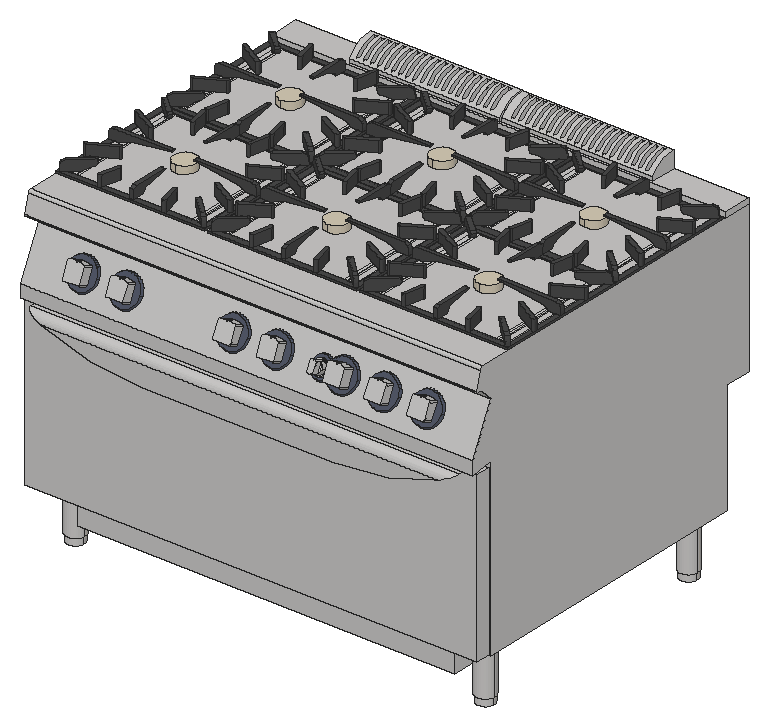
Revit family "QF_ZANUSSI_392015_Z9GCGL6SL0", category Specialty Equipment, Revit 2018 (continued)
Definition of nested family "QF_392015_BURNER"
  Forms (mm)
    Extrusion 7, solid
      sketch origin (310.416, -458.334, 5) x (-0.742103, 0.670286, 0) y (0, 0, 1)
        loop
          arc (88.629, 864.012) -> (92.562, 869.25) -> (93.654, 875.709) r 13.87
          arc (93.654, 875.709) -> (92.39, 878.352) -> (89.664, 879.425) r 4
          line (89.664, 879.425) -> (27.899, 879.425) -> (17.686, 874.663)
          arc (17.686, 874.663) -> (14.642, 862.948) -> (14.993, 850.85) r 42.876
          line (14.993, 850.85) -> (60.402, 850.85)
          arc (60.402, 850.85) -> (73.909, 858.731) -> (88.629, 864.012) r 85.245
        loop
          arc (457.638, 864.012) -> (472.357, 858.731) -> (485.865, 850.85) r 85.245
          line (485.865, 850.85) -> (531.273, 850.85)
          arc (531.273, 850.85) -> (531.624, 862.948) -> (528.581, 874.663) r 42.876
          line (528.581, 874.663) -> (518.367, 879.425) -> (456.603, 879.425)
          arc (456.603, 879.425) -> (453.876, 878.352) -> (452.613, 875.709) r 4
          arc (452.613, 875.709) -> (453.704, 869.25) -> (457.638, 864.012) r 13.87
      from 127.064 to 137.064
    Extrusion 8, solid
      sketch origin (-6.433, 367.064, 855.85) x (0, -1, 0) y (1, 0, 0)
        loop
          arc (626.166, 9.428) -> (632.956, 7.454) -> (634.93, 14.244) r 5
          line (634.93, 14.244) -> (600.514, 76.878)
          arc (600.514, 76.878) -> (593.724, 78.852) -> (591.75, 72.062) r 5
          line (591.75, 72.062) -> (626.166, 9.428)
        loop
          line (463.562, 9.428) -> (497.977, 72.062)
          arc (497.977, 72.062) -> (496.003, 78.852) -> (489.213, 76.878) r 5
          line (489.213, 76.878) -> (454.798, 14.244)
          arc (454.798, 14.244) -> (456.772, 7.454) -> (463.562, 9.428) r 5
        loop
          line (626.166, 397.138) -> (591.75, 334.504)
          arc (591.75, 334.504) -> (593.724, 327.714) -> (600.514, 329.689) r 5
          line (600.514, 329.689) -> (634.93, 392.323)
          arc (634.93, 392.323) -> (632.956, 399.113) -> (626.166, 397.138) r 5
        loop
          arc (463.562, 397.138) -> (456.772, 399.113) -> (454.798, 392.323) r 5
          line (454.798, 392.323) -> (489.213, 329.689)
          arc (489.213, 329.689) -> (496.003, 327.714) -> (497.977, 334.504) r 5
          line (497.977, 334.504) -> (463.562, 397.138)
        loop
          line (715.14, 293.499) -> (666.703, 282.317)
          arc (666.703, 282.317) -> (662.956, 276.32) -> (668.953, 272.573) r 5
          line (668.953, 272.573) -> (717.389, 283.756)
          arc (717.389, 283.756) -> (721.136, 289.752) -> (715.14, 293.499) r 5
        loop
          arc (715.14, 113.067) -> (721.136, 116.814) -> (717.389, 122.811) r 5
          line (717.389, 122.811) -> (668.953, 133.993)
          arc (668.953, 133.993) -> (662.956, 130.246) -> (666.703, 124.249) r 5
          line (666.703, 124.249) -> (715.14, 113.067)
        loop
          arc (374.588, 293.499) -> (368.591, 289.752) -> (372.338, 283.756) r 5
          line (372.338, 283.756) -> (420.775, 272.573)
          arc (420.775, 272.573) -> (426.771, 276.32) -> (423.024, 282.317) r 5
          line (423.024, 282.317) -> (374.588, 293.499)
        loop
          line (374.588, 113.067) -> (423.024, 124.249)
          arc (423.024, 124.249) -> (426.771, 130.246) -> (420.775, 133.993) r 5
          line (420.775, 133.993) -> (372.338, 122.811)
          arc (372.338, 122.811) -> (368.591, 116.814) -> (374.588, 113.067) r 5
      from 0 to 28.575
  Lines and regions (mm)
    symbolic lines
      curve 1: line (0, -355.6, 150) -> (393.7, -355.6, 150)
      curve 2: line (0, 0, 150) -> (0, -355.6, 150)
      curve 3: line (393.7, -355.6, 150) -> (393.7, 0, 150)
      curve 4: line (369.633, -15, 150) -> (285.34, -15, 150)
      curve 5: line (24.067, -340.6, 150) -> (108.36, -340.6, 150)
      curve 6: line (157.475, -170.397, 150) -> (157.475, -15, 150)
      curve 7: line (236.225, -170.397, 150) -> (236.225, -15, 150)
      curve 8: line (201.85, -350, 150) -> (201.85, -176.674, 150)
      curve 9: line (0, -180.397, 150) -> (167.224, -180.397, 150)
      curve 10: line (393.7, -170.397, 150) -> (228.275, -170.397, 150)
      curve 11: line (15, -180.397, 150) -> (15, -252.506, 150)
      curve 12: line (45.799, -340.6, 150) -> (45.799, -320.971, 150)
      curve 13: line (167.224, -170.397, 150) -> (0, -170.397, 150)
      curve 14: line (228.275, -180.504, 150) -> (393.7, -180.504, 150)
      curve 15: arc (228.275, -170.397, 150) -> (223.221, -175.45, 150) -> (228.275, -180.504, 150) r 5.054
      curve 16: arc (167.224, -170.397, 150) -> (172.224, -175.397, 150) -> (167.224, -180.397, 150) r 5
      curve 17: line (191.85, -176.674, 150) -> (191.85, -350, 150)
      curve 18: line (201.85, -134.556, 150) -> (201.85, -0.794, 150)
      curve 19: arc (201.85, -176.674, 150) -> (196.85, -171.674, 150) -> (191.85, -176.674, 150) r 5
      curve 20: arc (201.85, -134.556, 150) -> (196.85, -139.556, 150) -> (191.85, -134.556, 150) r 5
      curve 21: line (191.85, -15, 150) -> (118.623, -15, 150)
      curve 22: arc (201.85, -29.042, 150) -> (213.272, -50.008, 150) -> (201.85, -70.973, 150) r 24.953
      curve 23: arc (213.086, -53.048, 150) -> (214.5, -50.008, 150) -> (213.086, -46.967, 150) r 3.975
      curve 24: arc (191.85, -29.852, 150) -> (181.339, -50.008, 150) -> (191.85, -70.163, 150) r 24.58
      curve 25: arc (181.527, -53.042, 150) -> (179.976, -50.008, 150) -> (181.527, -46.973, 150) r 3.745
      curve 26: line (191.85, -0.794, 150) -> (191.85, -134.556, 150)
      curve 27: line (191.85, -350, 150) -> (201.85, -350, 150)
      curve 28: line (191.85, -11.007, 150) -> (201.85, -11.007, 150)
      curve 29: line (191.85, -0.794, 150) -> (201.85, -0.794, 150)
      curve 30: line (201.85, -340.6, 150) -> (275.077, -340.6, 150)
      curve 31: arc (196.85, -145.397, 0) -> (166.955, -172.888, 0) -> (191.85, -204.977, 0) r 30
      curve 32: arc (201.85, -204.977, 0) -> (226.745, -172.888, 0) -> (196.85, -145.397, 0) r 30
      curve 33: arc (158.678, -180.397, 0) -> (170.734, -200.207, 0) -> (191.85, -209.795, 0) r 39.375
      curve 34: line (163.825, -170.397, 150) -> (163.825, -15, 150)
      curve 35: line (229.875, -170.397, 150) -> (229.875, -15, 150)
      curve 36: line (144.775, -170.397, 150) -> (144.775, -15, 150)
      curve 37: line (248.925, -170.397, 150) -> (248.925, -15, 150)
      curve 38: arc (145.678, -180.397, 0) -> (161.728, -209.187, 0) -> (191.85, -222.573, 0) r 52.075
      curve 39: arc (201.85, -209.795, 0) -> (222.966, -200.207, 0) -> (235.022, -180.397, 0) r 39.375
      curve 40: arc (201.85, -222.573, 0) -> (231.931, -209.224, 0) -> (248.001, -180.504, 0) r 52.075
      curve 41: line (393.7, 0, 0) -> (0, 0, 0)
      curve 42: line (70.445, -122.149, 0) -> (7.81, -87.734, 0)
      curve 43: arc (7.81, -87.734, 0) -> (1.021, -89.708, 0) -> (2.995, -96.498, 0) r 5
      curve 44: line (2.995, -96.498, 0) -> (65.629, -130.914, 0)
      curve 45: arc (65.629, -130.914, 0) -> (72.419, -128.939, 0) -> (70.445, -122.149, 0) r 5
      curve 46: line (65.629, -224.686, 0) -> (2.995, -259.102, 0)
      curve 47: arc (2.995, -259.102, 0) -> (1.021, -265.892, 0) -> (7.81, -267.866, 0) r 5
      curve 48: line (7.81, -267.866, 0) -> (70.445, -233.451, 0)
      curve 49: arc (70.445, -233.451, 0) -> (72.419, -226.661, 0) -> (65.629, -224.686, 0) r 5
      curve 50: line (323.255, -122.149, 0) -> (385.89, -87.734, 0)
      curve 51: arc (385.89, -87.734, 0) -> (392.679, -89.708, 0) -> (390.705, -96.498, 0) r 5
      curve 52: line (390.705, -96.498, 0) -> (328.071, -130.914, 0)
      curve 53: arc (328.071, -130.914, 0) -> (321.281, -128.939, 0) -> (323.255, -122.149, 0) r 5
      curve 54: line (328.071, -224.686, 0) -> (390.705, -259.102, 0)
      curve 55: arc (390.705, -259.102, 0) -> (392.679, -265.892, 0) -> (385.89, -267.866, 0) r 5
      curve 56: line (385.89, -267.866, 0) -> (323.255, -233.451, 0)
      curve 57: arc (323.255, -233.451, 0) -> (321.281, -226.661, 0) -> (328.071, -224.686, 0) r 5
      curve 58: line (118.623, -340.6, 150) -> (191.85, -340.6, 150)
      curve 59: line (285.34, -340.6, 150) -> (369.633, -340.6, 150)
      curve 60: line (378.7, -335.314, 0) -> (378.7, -263.916, 0)
      curve 61: line (1.326, -7.935, 0) -> (58.752, -59.804, 0)
      curve 62: line (65.455, -52.383, 0) -> (8.029, -0.514, 0)
      curve 63: arc (58.752, -59.804, 0) -> (65.814, -59.445, 0) -> (65.455, -52.383, 0) r 5
      curve 64: line (1.326, -7.935, 0) -> (8.029, -0.514, 0)
      curve 65: line (392.374, -7.935, 0) -> (334.948, -59.804, 0)
      curve 66: line (328.245, -52.383, 0) -> (385.671, -0.514, 0)
      curve 67: arc (334.948, -59.804, 0) -> (327.886, -59.445, 0) -> (328.245, -52.383, 0) r 5
      curve 68: line (392.374, -7.935, 0) -> (385.671, -0.514, 0)
      curve 69: line (392.374, -347.665, 0) -> (334.948, -295.796, 0)
      curve 70: line (328.245, -303.217, 0) -> (385.671, -355.086, 0)
      curve 71: arc (334.948, -295.796, 0) -> (327.886, -296.155, 0) -> (328.245, -303.217, 0) r 5
      curve 72: line (392.374, -347.665, 0) -> (385.671, -355.086, 0)
      curve 73: line (1.326, -347.665, 0) -> (58.752, -295.796, 0)
      curve 74: line (65.455, -303.217, 0) -> (8.029, -355.086, 0)
      curve 75: arc (58.752, -295.796, 0) -> (65.814, -296.155, 0) -> (65.455, -303.217, 0) r 5
      curve 76: line (1.326, -347.665, 0) -> (8.029, -355.086, 0)
      curve 77: line (347.901, -15, 0) -> (347.901, -34.629, 0)
      curve 78: line (347.901, -320.971, 0) -> (347.901, -340.6, 0)
      curve 79: line (378.7, -252.506, 0) -> (378.7, -180.397, 0)
      curve 80: line (347.901, -246.993, 0) -> (347.901, -307.496, 0)
      curve 81: line (378.7, -170.397, 0) -> (378.7, -103.094, 0)
      curve 82: line (347.901, -180.397, 0) -> (347.901, -235.582, 0)
      curve 83: line (378.7, -91.684, 0) -> (378.7, -20.286, 0)
      curve 84: line (347.901, -120.018, 0) -> (347.901, -170.397, 0)
      curve 85: line (347.901, -48.104, 0) -> (347.901, -108.607, 0)
      curve 86: line (275.077, -15, 150) -> (201.85, -15, 150)
      curve 87: line (108.36, -15, 150) -> (24.067, -15, 150)
      curve 88: line (45.799, -40, 150) -> (45.799, -15, 150)
      curve 89: line (45.799, -108.607, 150) -> (45.799, -40, 150)
      curve 90: line (15, -20.286, 0) -> (15, -91.684, 0)
      curve 91: line (15, -103.094, 0) -> (15, -170.397, 0)
      curve 92: line (45.799, -170.397, 150) -> (45.799, -120.018, 150)
      curve 93: line (45.799, -235.582, 150) -> (45.799, -180.397, 150)
      curve 94: line (15, -263.916, 150) -> (15, -335.314, 150)
      curve 95: line (45.799, -307.496, 150) -> (45.799, -246.993, 150)
      curve 96: line (116.378, -350.325, 0) -> (127.56, -301.889, 0)
      curve 97: arc (127.56, -301.889, 0) -> (123.813, -295.892, 0) -> (117.816, -299.64, 0) r 5
      curve 98: line (117.816, -299.64, 0) -> (106.634, -348.076, 0)
      curve 99: arc (106.634, -348.076, 0) -> (110.381, -354.072, 0) -> (116.378, -350.325, 0) r 5
      curve 100: line (266.14, -301.889, 0) -> (277.322, -350.325, 0)
      curve 101: arc (277.322, -350.325, 0) -> (283.319, -354.072, 0) -> (287.066, -348.076, 0) r 5
      curve 102: line (287.066, -348.076, 0) -> (275.884, -299.64, 0)
      curve 103: arc (275.884, -299.64, 0) -> (269.887, -295.892, 0) -> (266.14, -301.889, 0) r 5
      curve 104: line (275.884, -55.96, 0) -> (287.066, -7.524, 0)
      curve 105: arc (287.066, -7.524, 0) -> (283.319, -1.528, 0) -> (277.322, -5.275, 0) r 5
      curve 106: line (277.322, -5.275, 0) -> (266.14, -53.711, 0)
      curve 107: arc (266.14, -53.711, 0) -> (269.887, -59.708, 0) -> (275.884, -55.96, 0) r 5
      curve 108: line (127.56, -53.711, 0) -> (116.378, -5.275, 0)
      curve 109: arc (116.378, -5.275, 0) -> (110.381, -1.528, 0) -> (106.634, -7.524, 0) r 5
      curve 110: line (106.634, -7.524, 0) -> (117.816, -55.96, 0)
      curve 111: arc (117.816, -55.96, 0) -> (123.813, -59.708, 0) -> (127.56, -53.711, 0) r 5
  Dimensions and locks
    equal spacing: plane 3 "LEFT", plane 7 "Center Y", plane 4 "RIGHT"
    plane 3 "LEFT" to plane 4 "RIGHT" = 393.7 mm
    equal spacing: plane 5 "FRONT", plane 8 "Center X", plane 1 "BACK"
    plane 5 "FRONT" to plane 1 "BACK" = 355.6 mm
    plane 6 "TOP" to level = 908.85 mm
    plane 9 "Base" to level = 150 mm
    plane 6 "TOP" to plane 10 = 58 mm  (x2)
    locked: Extrusion 4 sketch curve to plane 7 "Center Y" at 0
    aligned and locked: level to plane 2
  Automatic sketch dimensions
    curve 10 to plane 4 "RIGHT" = 0 mm
    curve 20 to plane 7 "Center Y" = 0 mm
    curve 19 to plane 7 "Center Y" = 0 mm
    curve 9 to plane 3 "LEFT" = 0 mm
    plane 1 "BACK" to curve 2 = 0 mm
    plane 1 "BACK" to curve 3 = 0 mm
    plane 5 "FRONT" to curve 2 = 0 mm
    curve 4 to plane 4 "RIGHT" = 24.067 mm
    curve 59 to plane 4 "RIGHT" = 24.067 mm
    plane 1 "BACK" to curve 37 = 15 mm
    plane 7 "Center Y" to curve 37 = 52.075 mm
    curve 37 to curve 7 = 12.7 mm
    curve 7 to curve 35 = 6.35 mm
    plane 8 "Center X" to curve 15 = 2.35 mm
    curve 35 to curve 15 = 1.6 mm
    plane 7 "Center Y" to curve 23 = 16.236 mm
    curve 23 to curve 23 = 0 mm
    curve 23 to curve 23 = 2.56 mm
    curve 23 to curve 24 = 4.607 mm
    plane 7 "Center Y" to curve 86 = 5 mm
    plane 7 "Center Y" to curve 27 = 5 mm
    curve 22 to plane 7 "Center Y" = 8.531 mm
    curve 22 to curve 25 = 4.597 mm
    curve 25 to curve 25 = 2.194 mm  (x2)
    curve 9 to plane 8 "Center X" = 2.597 mm
    curve 17 to curve 9 = 24.626 mm
    curve 21 to curve 34 = 28.025 mm
    curve 34 to curve 6 = 6.35 mm
    plane 8 "Center X" to curve 36 = 7.403 mm
    curve 6 to curve 36 = 12.7 mm
    plane 3 "LEFT" to curve 12 = 45.799 mm
    plane 3 "LEFT" to curve 87 = 24.067 mm
    plane 3 "LEFT" to curve 5 = 24.067 mm
    plane 1 "BACK" to curve 26 = 0.794 mm
    curve 28 to curve 86 = 3.993 mm
    curve 28 to curve 21 = 3.993 mm
    curve 86 to curve 22 = 14.042 mm
    curve 22 to curve 24 = 0.81 mm
    curve 22 to curve 23 = 17.925 mm
    curve 25 to curve 22 = 3.035 mm
    plane 8 "Center X" to curve 26 = 43.244 mm
    curve 15 to curve 15 = 5.054 mm
    plane 8 "Center X" to curve 17 = 1.126 mm
    curve 94 to curve 12 = 5.286 mm
    curve 58 to plane 5 "FRONT" = 15 mm
    curve 59 to plane 5 "FRONT" = 15 mm
    curve 8 to plane 5 "FRONT" = 5.6 mm
    plane 3 "LEFT" to Extrusion 1 sketch curve = 0.709 mm
    plane 3 "LEFT" to Extrusion 1 sketch curve = 3.327 mm
    Extrusion 1 sketch curve to Extrusion 1 sketch curve = 10.201 mm
    plane 10 to Extrusion 1 sketch curve = 5 mm  (x2)
    Extrusion 1 sketch curve to Extrusion 1 sketch curve = 29.447 mm
    Extrusion 1 sketch curve to Extrusion 1 sketch curve = 12.704 mm  (x2)
    Extrusion 1 sketch curve to Extrusion 1 sketch curve = 15.555 mm  (x2)
    plane 3 "LEFT" to Extrusion 1 sketch curve = 79.689 mm
    Extrusion 1 sketch curve to plane 7 "Center Y" = 30.161 mm
    Extrusion 1 sketch curve to Extrusion 1 sketch curve = 0.167 mm  (x2)
    plane 7 "Center Y" to Extrusion 1 sketch curve = 29.994 mm
    Extrusion 1 sketch curve to plane 4 "RIGHT" = 79.689 mm
    plane 10 to Extrusion 1 sketch curve = 18.171 mm
    Extrusion 1 sketch curve to plane 4 "RIGHT" = 58.415 mm
    Extrusion 1 sketch curve to plane 4 "RIGHT" = 13.528 mm
    Extrusion 1 sketch curve to plane 4 "RIGHT" = 3.327 mm
    Extrusion 1 sketch curve to plane 4 "RIGHT" = 0.709 mm
    Extrusion 1 sketch curve to Extrusion 1 sketch curve = 23.902 mm  (x2)
    Extrusion 1 sketch curve to plane 6 "TOP" = 26.807 mm  (x2)
    Extrusion 1 sketch curve to Extrusion 1 sketch curve = 1.185 mm  (x2)
    Extrusion 1 sketch curve to Extrusion 1 sketch curve = 5.694 mm
    Extrusion 2 sketch curve to plane 1 "BACK" = 0 mm
    plane 1 "BACK" to Extrusion 2 sketch curve = 10.213 mm
    plane 10 to Extrusion 2 sketch curve = 5 mm  (x2)
    plane 1 "BACK" to Extrusion 2 sketch curve = 29.066 mm
    plane 10 to Extrusion 2 sketch curve = 20.886 mm
    Extrusion 2 sketch curve to Extrusion 2 sketch curve = 22.688 mm  (x2)
    Extrusion 2 sketch curve to plane 10 = 7.392 mm  (x2)
    Extrusion 2 sketch curve to plane 6 "TOP" = 24.425 mm
    Extrusion 2 sketch curve to Extrusion 2 sketch curve = 51.752 mm
    Extrusion 2 sketch curve to plane 6 "TOP" = 26.807 mm  (x2)
    Extrusion 2 sketch curve to Extrusion 2 sketch curve = 0.167 mm  (x2)
    Extrusion 2 sketch curve to plane 8 "Center X" = 68.528 mm
    Extrusion 2 sketch curve to plane 5 "FRONT" = 60.248 mm
    Extrusion 2 sketch curve to Extrusion 2 sketch curve = 2.895 mm
    Extrusion 2 sketch curve to plane 5 "FRONT" = 15.813 mm
    Extrusion 2 sketch curve to plane 5 "FRONT" = 5.6 mm
    Extrusion 2 sketch curve to Extrusion 2 sketch curve = 4.731 mm
    Extrusion 2 sketch curve to Extrusion 2 sketch curve = 23.844 mm
    Extrusion 2 sketch curve to Extrusion 2 sketch curve = 1.185 mm
    plane 1 "BACK" to Extrusion 3 sketch curve = 0 mm
    Extrusion 3 sketch curve to plane 3 "LEFT" = 0 mm
    plane 5 "FRONT" to Extrusion 3 sketch curve = 0 mm
    Extrusion 3 sketch curve to plane 4 "RIGHT" = 0 mm
    plane 1 "BACK" to Extrusion 3 sketch curve = 15 mm
    Extrusion 3 sketch curve to plane 5 "FRONT" = 15 mm
    plane 3 "LEFT" to Extrusion 3 sketch curve = 15 mm
    Extrusion 3 sketch curve to plane 4 "RIGHT" = 15 mm
    Extrusion 3 to Extrusion 4 sketch curve = 159.603 mm
    Extrusion 5 sketch curve to plane 10 = 0 mm
    plane 3 "LEFT" to Extrusion 5 sketch curve = 15 mm
    Extrusion 5 sketch curve to Extrusion 5 sketch curve = 14.402 mm
    plane 10 to Extrusion 5 sketch curve = 5 mm
    Extrusion 5 sketch curve to Extrusion 5 sketch curve = 15.156 mm
    plane 10 to Extrusion 5 sketch curve = 2.933 mm  (x3)
    Extrusion 5 sketch curve to Extrusion 5 sketch curve = 7.716 mm  (x2)
    Extrusion 5 sketch curve to Extrusion 5 sketch curve = 0 mm  (x3)
    Extrusion 5 sketch curve to Extrusion 5 sketch curve = 1.692 mm  (x2)
    Extrusion 5 sketch curve to Extrusion 5 sketch curve = 3.385 mm  (x2)
    Extrusion 5 sketch curve to plane 10 = 3.559 mm  (x2)
    plane 10 to Extrusion 5 sketch curve = 3.679 mm
    Extrusion 5 sketch curve to plane 4 "RIGHT" = 45.799 mm
    Extrusion 5 sketch curve to Extrusion 5 sketch curve = 1.143 mm
    Extrusion 5 sketch curve to plane 10 = 13.244 mm
    Extrusion 5 sketch curve to plane 4 "RIGHT" = 15 mm
    plane 10 to Extrusion 6 sketch curve = 5 mm  (x2)
    Extrusion 6 sketch curve to Extrusion 6 sketch curve = 2.692 mm  (x2)
    Extrusion 6 sketch curve to Extrusion 6 sketch curve = 10.213 mm  (x2)
    plane 10 to Extrusion 6 sketch curve = 12.281 mm
    Extrusion 6 sketch curve to Extrusion 6 sketch curve = 29.348 mm  (x2)
    Extrusion 6 sketch curve to Extrusion 6 sketch curve = 3.155 mm  (x2)
    Extrusion 6 sketch curve to Extrusion 6 sketch curve = 22.572 mm
    Extrusion 6 sketch curve to Extrusion 6 sketch curve = 8.81 mm
    Extrusion 6 sketch curve to Extrusion 6 sketch curve = 9.845 mm  (x2)
    Extrusion 6 sketch curve to Extrusion 6 sketch curve = 3.99 mm  (x2)
    Extrusion 6 sketch curve to Extrusion 6 sketch curve = 0 mm  (x2)
    Extrusion 6 sketch curve to Extrusion 6 sketch curve = 49.533 mm
    Extrusion 6 sketch curve to plane 10 = 64.377 mm
    Extrusion 6 sketch curve to Extrusion 6 sketch curve = 326.397 mm
    Extrusion 6 sketch curve to plane 6 "TOP" = 28.141 mm
    Extrusion 6 sketch curve to Extrusion 6 sketch curve = 16.281 mm
    Extrusion 6 sketch curve to Extrusion 6 sketch curve = 1.035 mm
    Extrusion 6 sketch curve to Extrusion 6 sketch curve = 19.417 mm
    Extrusion 6 sketch curve to Extrusion 6 sketch curve = 4.763 mm  (x2)
    Extrusion 6 sketch curve to Extrusion 6 sketch curve = 3.716 mm
    plane 10 to Extrusion 7 sketch curve = 5 mm  (x2)
    Extrusion 7 sketch curve to Extrusion 7 sketch curve = 2.692 mm  (x2)
    Extrusion 7 sketch curve to Extrusion 7 sketch curve = 10.213 mm  (x2)
    plane 10 to Extrusion 7 sketch curve = 12.281 mm
    Extrusion 7 sketch curve to Extrusion 7 sketch curve = 29.348 mm  (x2)
    Extrusion 7 sketch curve to Extrusion 7 sketch curve = 3.155 mm  (x2)
    Extrusion 7 sketch curve to Extrusion 7 sketch curve = 22.572 mm
    Extrusion 7 sketch curve to Extrusion 7 sketch curve = 8.81 mm
    Extrusion 7 sketch curve to Extrusion 7 sketch curve = 9.845 mm  (x2)
    Extrusion 7 sketch curve to Extrusion 7 sketch curve = 3.99 mm  (x2)
    Extrusion 7 sketch curve to Extrusion 7 sketch curve = 0 mm  (x2)
    Extrusion 7 sketch curve to Extrusion 7 sketch curve = 21.306 mm
    Extrusion 7 sketch curve to plane 10 = 64.377 mm  (x2)
    Extrusion 7 sketch curve to Extrusion 7 sketch curve = 326.397 mm
    Extrusion 7 sketch curve to plane 6 "TOP" = 28.141 mm
    Extrusion 7 sketch curve to Extrusion 7 sketch curve = 16.281 mm
    Extrusion 7 sketch curve to Extrusion 7 sketch curve = 1.035 mm
    Extrusion 7 sketch curve to Extrusion 7 sketch curve = 19.417 mm
    Extrusion 7 sketch curve to Extrusion 7 sketch curve = 7.281 mm
    Extrusion 7 sketch curve to Extrusion 7 sketch curve = 10.713 mm
    curve 58 to curve 12 = 72.824 mm
    curve 30 to curve 30 = 73.227 mm
    curve 58 to curve 5 = 10.263 mm
    curve 5 to curve 58 = 0 mm
    curve 59 to curve 30 = 10.263 mm
    curve 30 to curve 8 = 9.4 mm
    curve 31 to curve 32 = 0 mm
    curve 33 to curve 38 = 0 mm  (x2)
    curve 33 to curve 39 = 0 mm  (x2)
    curve 33 to curve 40 = 0 mm  (x2)
    plane 1 "BACK" to curve 41 = 0 mm
    curve 41 to plane 3 "LEFT" = 0 mm
    curve 31 to plane 7 "Center Y" = 0 mm
    curve 33 to plane 7 "Center Y" = 0 mm
    curve 41 to plane 4 "RIGHT" = 0 mm
    plane 3 "LEFT" to curve 76 = 1.326 mm
    plane 3 "LEFT" to curve 64 = 1.326 mm
    plane 3 "LEFT" to curve 44 = 2.995 mm
    plane 3 "LEFT" to curve 46 = 2.995 mm
    curve 43 to curve 43 = 2.408 mm
    curve 46 to curve 47 = 2.408 mm
    curve 47 to curve 47 = 2.408 mm
    curve 43 to curve 42 = 2.408 mm
    curve 76 to plane 5 "FRONT" = 0.514 mm
    plane 3 "LEFT" to curve 76 = 8.029 mm
    plane 1 "BACK" to curve 62 = 0.514 mm
    plane 3 "LEFT" to curve 62 = 8.029 mm
    curve 48 to curve 75 = 50.941 mm
    curve 43 to curve 63 = 50.941 mm
    curve 75 to curve 75 = 3.351 mm
    curve 63 to curve 63 = 3.351 mm
    plane 1 "BACK" to curve 62 = 52.383 mm
    curve 63 to curve 62 = 3.351 mm
    curve 74 to plane 5 "FRONT" = 52.383 mm
    curve 75 to curve 74 = 3.351 mm
    plane 3 "LEFT" to curve 46 = 65.629 mm
    plane 3 "LEFT" to curve 44 = 65.629 mm
    curve 45 to curve 45 = 2.408 mm
    curve 46 to curve 49 = 2.408 mm
    curve 49 to curve 48 = 2.408 mm
    curve 45 to curve 42 = 2.408 mm
    curve 38 to plane 8 "Center X" = 2.597 mm
    curve 38 to plane 7 "Center Y" = 51.172 mm
    curve 33 to plane 8 "Center X" = 2.597 mm
    curve 38 to curve 33 = 12.999 mm
    curve 33 to plane 7 "Center Y" = 5 mm
    curve 38 to plane 7 "Center Y" = 5 mm
    curve 31 to curve 33 = 0 mm
    plane 7 "Center Y" to curve 32 = 5 mm
    plane 7 "Center Y" to curve 40 = 5 mm
    curve 39 to curve 32 = 0 mm
    curve 39 to plane 8 "Center X" = 2.597 mm
    plane 7 "Center Y" to curve 39 = 38.172 mm
    curve 40 to plane 8 "Center X" = 2.704 mm
    curve 39 to curve 40 = 12.979 mm
    curve 50 to plane 4 "RIGHT" = 70.445 mm
    curve 57 to plane 4 "RIGHT" = 70.445 mm
    curve 50 to curve 53 = 2.408 mm
    curve 57 to curve 57 = 2.408 mm  (x2)
    curve 53 to curve 53 = 2.408 mm
    curve 71 to curve 71 = 3.351 mm
    curve 67 to curve 67 = 3.351 mm
    curve 71 to curve 69 = 3.351 mm
    curve 67 to curve 65 = 3.351 mm
    curve 60 to plane 4 "RIGHT" = 15 mm
    curve 72 to plane 5 "FRONT" = 0.514 mm
    curve 72 to plane 4 "RIGHT" = 8.029 mm
    plane 1 "BACK" to curve 68 = 0.514 mm
    curve 68 to plane 4 "RIGHT" = 8.029 mm
    curve 50 to plane 4 "RIGHT" = 7.81 mm
    curve 55 to plane 4 "RIGHT" = 7.81 mm
    curve 55 to curve 55 = 2.408 mm
    curve 50 to curve 51 = 2.408 mm
    curve 55 to plane 4 "RIGHT" = 2.995 mm
    curve 51 to plane 4 "RIGHT" = 2.995 mm
    curve 69 to plane 4 "RIGHT" = 1.326 mm
    curve 65 to plane 4 "RIGHT" = 1.326 mm
    curve 72 to plane 5 "FRONT" = 7.935 mm
    curve 60 to plane 5 "FRONT" = 20.286 mm
    curve 71 to curve 56 = 27.93 mm
    curve 73 to curve 48 = 27.93 mm
    curve 47 to curve 47 = 4.382 mm
    curve 55 to curve 55 = 4.382 mm
    curve 56 to plane 8 "Center X" = 55.651 mm
    curve 48 to plane 8 "Center X" = 55.651 mm
    curve 57 to curve 57 = 4.382 mm
    curve 49 to curve 49 = 4.382 mm
    curve 40 to plane 8 "Center X" = 44.773 mm
    curve 39 to curve 32 = 4.818 mm
    plane 8 "Center X" to curve 31 = 2.403 mm
    plane 8 "Center X" to curve 45 = 46.886 mm
    plane 8 "Center X" to curve 52 = 46.886 mm
    curve 53 to curve 53 = 4.382 mm
    curve 45 to curve 45 = 4.382 mm
    curve 53 to curve 52 = 34.416 mm
    curve 44 to curve 61 = 36.694 mm
    curve 43 to curve 43 = 4.382 mm
    curve 51 to curve 51 = 4.382 mm
    curve 51 to curve 65 = 27.93 mm
    plane 1 "BACK" to curve 83 = 20.286 mm
    plane 1 "BACK" to curve 88 = 15 mm
    plane 1 "BACK" to curve 77 = 15 mm
    curve 77 to curve 83 = 30.799 mm
    curve 78 to plane 5 "FRONT" = 15 mm
    curve 80 to curve 71 = 7.989 mm
    curve 78 to curve 60 = 30.799 mm
    curve 78 to curve 80 = 13.475 mm
    curve 55 to curve 79 = 10.979 mm
    curve 82 to curve 57 = 6.514 mm
    curve 80 to curve 78 = 0 mm
    curve 80 to curve 82 = 11.41 mm
    curve 77 to curve 66 = 37.77 mm
    curve 60 to curve 79 = 11.41 mm
    plane 8 "Center X" to curve 81 = 7.403 mm
    plane 8 "Center X" to curve 84 = 7.403 mm
    curve 82 to plane 8 "Center X" = 2.597 mm
    curve 82 to curve 84 = 0 mm
    curve 79 to plane 8 "Center X" = 2.597 mm
    curve 79 to curve 81 = 0 mm
    curve 81 to curve 51 = 10.979 mm
    curve 53 to curve 85 = 17.924 mm
    curve 84 to curve 81 = 30.799 mm
    curve 84 to curve 85 = 11.41 mm
    curve 52 to curve 84 = 19.83 mm
    curve 81 to curve 83 = 11.41 mm
    curve 67 to curve 85 = 7.989 mm
    curve 85 to curve 77 = 0 mm
    curve 85 to curve 77 = 13.475 mm
    curve 86 to curve 37 = 26.152 mm
    curve 4 to curve 86 = 10.263 mm
    curve 86 to curve 4 = 0 mm
    curve 36 to curve 21 = 26.152 mm
    curve 88 to curve 88 = 25 mm
    plane 8 "Center X" to curve 89 = 69.193 mm
    curve 43 to curve 90 = 9.597 mm
    curve 43 to curve 90 = 0.432 mm
    plane 1 "BACK" to curve 90 = 20.286 mm
    curve 93 to plane 8 "Center X" = 2.597 mm
    plane 8 "Center X" to curve 91 = 7.403 mm
    curve 95 to plane 8 "Center X" = 69.193 mm
    curve 93 to curve 94 = 28.333 mm
    curve 95 to curve 12 = 33.104 mm
    curve 21 to curve 87 = 10.263 mm
    curve 87 to curve 21 = 0 mm
    curve 91 to curve 90 = 11.41 mm
    curve 89 to curve 87 = 21.732 mm
    curve 89 to curve 92 = 11.41 mm
    curve 92 to curve 89 = 0 mm
    plane 8 "Center X" to curve 92 = 7.403 mm
    curve 91 to curve 90 = 0 mm
    curve 93 to curve 95 = 0 mm
    curve 93 to curve 95 = 11.41 mm
    curve 11 to curve 94 = 0 mm
    curve 11 to curve 94 = 11.41 mm
    curve 95 to curve 11 = 30.799 mm
    curve 95 to curve 12 = 13.475 mm
    plane 3 "LEFT" to curve 95 = 45.799 mm
    curve 95 to curve 5 = 33.104 mm
    Extrusion 8 sketch curve to Extrusion 3 = 5.275 mm  (x2)
    Extrusion 8 sketch curve to Extrusion 8 sketch curve = 1.125 mm  (x16)
    Extrusion 3 to Extrusion 8 sketch curve = 38.711 mm  (x2)
    Extrusion 8 sketch curve to Extrusion 3 = 7.19 mm  (x3)
    Extrusion 3 to Extrusion 8 sketch curve = 72.734 mm  (x2)
    Extrusion 8 sketch curve to Extrusion 8 sketch curve = 4.382 mm  (x16)
    Extrusion 8 sketch curve to Extrusion 3 = 2.995 mm  (x4)
    Extrusion 8 sketch curve to Extrusion 8 sketch curve = 34.416 mm  (x4)
    Extrusion 3 to Extrusion 8 sketch curve = 50.629 mm  (x3)
    Extrusion 8 sketch curve to Extrusion 8 sketch curve = 93.773 mm  (x2)
    Extrusion 3 to Extrusion 8 sketch curve = 40.96 mm  (x2)
    Extrusion 8 sketch curve to Extrusion 3 = 7.476 mm  (x2)
    Extrusion 8 sketch curve to Extrusion 8 sketch curve = 2.408 mm  (x4)
    Extrusion 3 to Extrusion 8 sketch curve = 91.634 mm  (x2)
    Extrusion 8 sketch curve to Extrusion 8 sketch curve = 4.872 mm  (x8)
    Extrusion 8 sketch curve to Extrusion 8 sketch curve = 11.182 mm  (x4)
    Extrusion 3 to Extrusion 8 sketch curve = 112.56 mm
    Extrusion 8 sketch curve to Extrusion 8 sketch curve = 61.931 mm
    Extrusion 3 to Extrusion 8 sketch curve = 55.445 mm
    Extrusion 8 sketch curve to Extrusion 8 sketch curve = 4.816 mm
    curve 67 to curve 85 = 19.656 mm
    curve 71 to curve 80 = 19.656 mm
    curve 99 to plane 5 "FRONT" = 7.524 mm
    curve 74 to curve 99 = 41.179 mm
    curve 98 to curve 99 = 4.872 mm
    curve 96 to plane 5 "FRONT" = 5.275 mm
    curve 99 to curve 96 = 4.872 mm
    curve 99 to curve 98 = 11.182 mm
    curve 98 to curve 97 = 4.872 mm
    curve 96 to plane 5 "FRONT" = 53.711 mm
    curve 97 to curve 96 = 4.872 mm
    curve 97 to curve 97 = 1.125 mm
    curve 103 to curve 70 = 62.105 mm
    curve 103 to curve 103 = 4.872 mm  (x2)
    curve 100 to plane 5 "FRONT" = 5.275 mm
    curve 100 to curve 100 = 11.182 mm
    curve 101 to curve 101 = 4.872 mm
    curve 102 to plane 5 "FRONT" = 7.524 mm
    curve 101 to curve 102 = 4.872 mm
    curve 100 to curve 100 = 48.436 mm
    curve 103 to curve 103 = 1.125 mm
    curve 106 to curve 67 = 62.105 mm
    curve 107 to curve 107 = 4.872 mm
    plane 1 "BACK" to curve 104 = 55.96 mm
    curve 107 to curve 104 = 4.872 mm
    plane 1 "BACK" to curve 105 = 5.275 mm
    curve 107 to curve 105 = 11.182 mm
    curve 105 to curve 105 = 4.872 mm  (x2)
    curve 107 to curve 107 = 1.125 mm
    plane 1 "BACK" to curve 104 = 7.524 mm
    plane 1 "BACK" to curve 109 = 7.524 mm
    curve 62 to curve 109 = 41.179 mm
    curve 109 to curve 109 = 4.872 mm
    plane 1 "BACK" to curve 108 = 5.275 mm
    curve 109 to curve 108 = 4.872 mm
    curve 110 to curve 111 = 11.182 mm
    curve 110 to curve 111 = 4.872 mm
    plane 1 "BACK" to curve 108 = 53.711 mm
    curve 111 to curve 108 = 4.872 mm
    curve 111 to curve 108 = 2.25 mm
    radius of Extrusion 4 sketch curve = 30 mm
